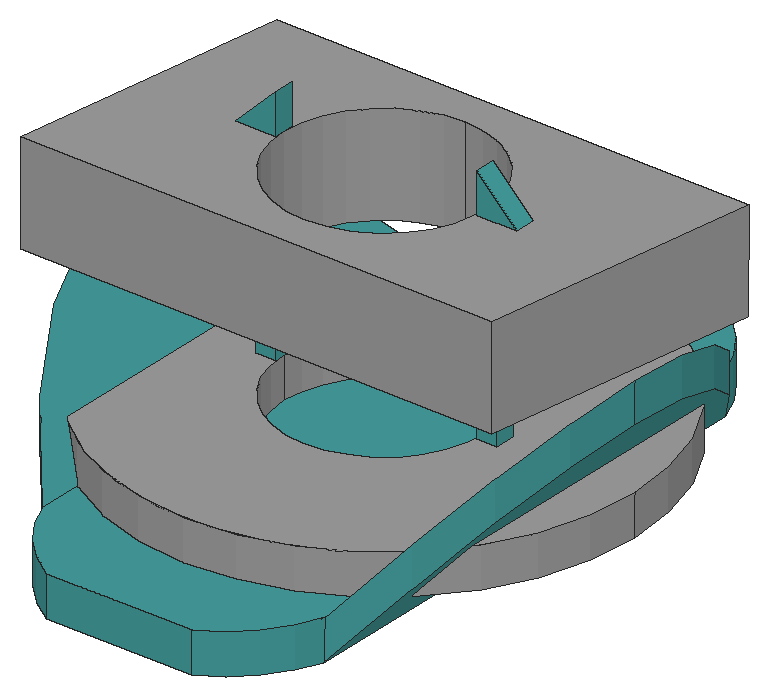
Revit family "HVAC_HangingSystems_Walraven_BIS_RapidRail_Slide_Nut", category Mechanical Equipment, Revit 2016
Family settings
  Part Type = Normal
  Round Connector Dimension = Use Diameter
  OmniClass Number = 23.60.30.11.17
  OmniClass Title = Pipework/Ductwork Mechanical Fasteners/Supports
  Work Plane-Based = Yes
  Always vertical = No
  Cut with Voids When Loaded = No
  Shared = No
  Room Calculation Point = No
Parameters (values of type "M10")
  type_index = 2
  s [instance] = size_lookup(lookup_table_name, "s", 0 mm, type_index)  # 5 mm
  region_index = 1  # constant formula
  r [instance] = D / 2  # 5 mm
  product_index [instance] = size_lookup(lookup_table_name, "pi", 0, type_index, M)  # 2
  lookup_table_name [instance] = "BIS RapidRail Slide Nut"  # constant formula
  desc_uk [instance] = if(product_index = 1, "BIS RapidRail Slide Nut M8", if(product_index = 2, "BIS RapidRail Slide Nut M10", "0"))  # "BIS RapidRail Slide Nut M10"
  desc_nl [instance] = if(product_index = 1, "BIS RapidRail Schuifmoer M8", if(product_index = 2, "BIS RapidRail Schuifmoer M10", "0"))  # "BIS RapidRail Schuifmoer M10"
  Youtube clip = ""
  Weight Net (Kg) = "0"
  Uniformat II Description = ""
  Uniformat II Code = ""
  Uniclass 2015 Name = ""
  Uniclass 2015 Code = ""
  Uniclass 2.0 Description = ""
  Uniclass 2.0 Code = ""
  Uniclass 1.4 Description = ""
  Uniclass 1.4 Code = ""
  URL = "https://www.walraven.com/en/?pid=281"
  UNSPSC Code = ""
  Technical description = "https://library.walraven.com/repository/rnd/documents/EN-UK/BIS%20RapidRail%C2%AE%20Slide%20Nut%20-%20G%2030%2005%20(EN-UK).pdf"
  Region South America = "None"
  Region Oceania = "AU"
  Region North America = "US"
  Region Middle East = "AE, OM, QA, SA"
  Region Europe = "BE, CZ, DE, DK, ES, FR, GB, HR, HU, LT, LV, NL, NO, PL, RO, RU, SE, SK, UA"
  Region Asia = "CN, IN"
  Region Antarctica = "None"
  Region Africa = "ZA"
  RSen_S_max_allowed_load [instance] = size_lookup(lookup_table_name, "load", 0, type_index, M)  # 2900
  RSen_S_max_torque [instance] = size_lookup(lookup_table_name, "Torque", 0, type_index, M)  # 15
  RSen_S_net_weight [instance] = size_lookup(lookup_table_name, "weight", 0, type_index, M) * 1.00 kg  # 0.0155 kg
  RSen_C_product_description [instance] = if(region_index = 1, desc_uk, if(region_index = 2, desc_nl, "0"))  # "BIS RapidRail Slide Nut M10"
  RSen_C_level_of_development = "LOD400"  # constant formula
  RSen_C_material_colour = "grey+green"  # constant formula
  RSen_C_material_finish = "zinc plated"  # constant formula
  RSen_C_material_01 = polyoxymethylene (POM)
  RSen_C_material = steel
  RSen_C_length [instance] = 29 mm  # constant formula
  RSen_C_height [instance] = 12 mm  # constant formula
  RSen_C_thickness [instance] = s  # 5 mm
  RSen_C_content_releasedate = "22-02-2018"  # constant formula
  RSen_C_content_modification_date = "04-06-2018"  # constant formula
  RSen_C_content_creator = "Itannex bv"  # constant formula
  RSen_C_code_gtin [instance] = ""
  RSen_C_code_manufacturer_product [instance] = if(product_index = 1, "6513108", if(product_index = 2, "6513110", "0"))  # "6513110"
  RSen_C_code_manufacturer_gln = ""
  QR code = "http://bimobject.com/walraven/product/bis-rapidrail-slide-nut"
  Product url = "https://www.walraven.com/en/?pid=281"
  Product group = "Slide Nuts"
  Product family = "Rail Systems"
  Product data url = "https://bimobject.com/walraven/product/bis-rapidrail-slide-nut"
  Product certification = ""
  Product SKU = "bis-rapidrail-slide-nut"
  Product Guid = "e1b0579a-598d-49c7-9446-efd116589c1e"
  OmniClass Description = "Mechanical Pipe Supports"
  OmniClass Code = "23-27 43 13"
  Nominal width = 0 mm
  Nominal height = 0 mm
  NLRS_C_code_SfB_tabel1 = "50"  # constant formula
  RSen_C_code_ETIM_url = "https://prod.etim-international.com/Class/Details?classId=EC000096&classVersion=5"
  RSen_C_code_ETIM = "EC000096"  # constant formula
  RSen_C_intended_use = "hanging systems"  # constant formula
  RSen_C_certificates = "N/A"  # constant formula
  RSen_C_width [instance] = 25 mm  # constant formula
  NBS Reference Description = ""
  NBS Reference Code = ""
  Model = "BIS RapidRail Slide Nut"  # constant formula
  Material secondary = ""
  Material main = "Steel"
  Masterformat 2014 Description = ""
  Masterformat 2014 Code = ""
  Manufacturer name = "Walraven"
  Manufacturer country = "China"
  Manufacturer = "Walraven"  # constant formula
  M [instance] = size_lookup(lookup_table_name, "M", 0, type_index)  # 10
  IsCustom [instance] = 0 = 1  # no
  Installation instructions = ""
  IfcExportType = "USERDEFINED"  # constant formula
  IfcExportAs = "IfcMechanicalFastenerType"  # constant formula
  IfcDescription = Description  # "slide nut"
  IFC Classification = "Mechanical Fastener"
  GTIN code = ""
  Edition number = 0
  Design country = "Netherlands"
  Description = "slide nut"  # constant formula
  Default Elevation = 1219.2 mm
  Date of publishing = "7/20/2018"
  D [instance] = if(M = 8, 8 mm, if(M = 10, 10 mm, if(M = 12, 12 mm, 0 mm)))  # 10 mm
  COBIe Type Category = ""
  Brand url = "https://www.walraven.com"
  BIMobject main category code = "hvac"
  BIMobject main category = "HVAC"
  BIMobject category code = "hvac-hanging-systems"
  BIMobject category = "Hanging Systems"
  Assembly Code = "50"
Types (2, lengths in mm): name | type_index | r | product_index | desc_uk | desc_nl | RSen_S_max_allowed_load | RSen_S_net_weight | RSen_C_product_description | RSen_C_code_manufacturer_product | M | D
  M10 | 2 | 5 | 2 | "BIS RapidRail Slide Nut M10" | "BIS RapidRail Schuifmoer M10" | 2900 | 0.0155 kg | "BIS RapidRail Slide Nut M10" | "6513110" | 10 | 10
  M8 | 1 | 4 | 1 | "BIS RapidRail Slide Nut M8" | "BIS RapidRail Schuifmoer M8" | 2700 | 0.019 kg | "BIS RapidRail Slide Nut M8" | "6513108" | 8 | 8
Reference planes
  plane 1 "Center (Front/Back)": y = 0
  plane 2: z = 0
  plane 3 "Center (Left/Right)": x = 0
  plane 4 "schuifmoer": z = 5
  plane 5: z = 10
  plane 6: z = -30
  plane 7 "moer": z = -14
  plane 8: x = -12.5
  plane 9: x = 12.5
  plane 10: x = -5
  plane 11: x = 5
  plane 12: x = -7
  plane 13: x = 7
  plane 14: z = -2
  plane 15: z = 3.029
  plane 16: z = -4.016
  plane 17: y = 12.5
  plane 18: y = -12.5
  plane 19: x = -14.5
  plane 20: x = 14.5
  plane 21: y = 16.5
  plane 22: y = -16.5
  plane 23: y = 0.5
  plane 24: y = -0.5
Forms (mm)
  Extrusion 1, solid, material "steel" <- "RSen_C_material", detail levels medium+fine
    sketch origin (0, 0, 5) x (0, -1, 0) y (1, 0, 0)
      loop
        line (-6.75, -10.75) -> (6.75, -12.75) -> (6.75, 10.75) -> (-6.75, 12.75) -> (-6.75, -10.75)
      loop
        circle (0, 0) r 5
    from 0 to 5
  Extrusion 2, solid, material "steel" <- "RSen_C_material", detail levels medium+fine
    sketch origin (0, 0, 0) x (1, 0, 0) y (0, 1, 0)
      loop
        circle (0, 0) r 5
      loop
        circle (0, 0) r 12.5
    from 0 to -2
  Extrusion 3, solid, material "polyoxymethylene (POM)" <- "RSen_C_material_01", detail levels medium+fine
    sketch origin (0, 0, 0) x (-1, 0, 0) y (0, 0, 1)
      loop
        line (6, 1) -> (6, 10) -> (7, 10) -> (5, 12) -> (5, 10) -> (5, 0) -> (6, 0) -> (6, 1)
      loop
        line (-5, 0) -> (-5, 10) -> (-5, 12) -> (-7, 10) -> (-6, 10) -> (-6, 0) -> (-5, 0)
    from -0.5 to 0.5
  Extrusion 4, solid, material "polyoxymethylene (POM)" <- "RSen_C_material_01", detail levels medium+fine
    sketch origin (0, 0, 0) x (1, 0, 0) y (0, 0, 1)
      loop
        line (-12.5, 5) -> (-12.5, 3.029) -> (-7, -4.016) -> (7, -4.016) -> (12.5, 3.029) -> (12.5, 5) -> (7.044, -2) -> (-7.044, -2) -> (-12.5, 5)
    from -16.5 to 16.5
  Extrusion 5, void
    sketch origin (0, 0, 0) x (1, 0, 0) y (0, 1, 0)
      loop
        line (-14.5, -18.5) -> (14.5, -18.5) -> (14.5, 18.5) -> (-14.5, 18.5) -> (-14.5, -18.5)
      loop
        arc (-7, -12.5) -> (0, -17.433) -> (7, -12.5) r 7.433
        arc (7, -12.5) -> (11.024, -6.811) -> (12.5, 0) r 17.444
        arc (12.5, 0) -> (11.024, 6.811) -> (7, 12.5) r 17.444
        arc (7, 12.5) -> (0, 17.433) -> (-7, 12.5) r 7.433
        arc (-7, 12.5) -> (-11.024, 6.811) -> (-12.5, 0) r 17.444
        arc (-12.5, 0) -> (-11.024, -6.811) -> (-7, -12.5) r 17.444
    from -4.016 to 5
Cuts and joins
  Extrusion 5 cuts Extrusion 4
Dimensions and locks
  "s": plane 5 to plane 4 "schuifmoer"
  "RSen_C_thickness": plane 4 "schuifmoer" to level
  plane 5 to plane 6 = 40 mm
  locked: level to Extrusion 2 at 2
  plane 7 "moer" to plane 6 = 16 mm
  Extrusion 2 sketch curve to plane 3 "Center (Left/Right)" = 0 mm
  Extrusion 2 sketch curve to plane 1 "Center (Front/Back)" = 0 mm
  plane 4 "schuifmoer" to Extrusion 1 to plane 5 = 5 mm, 0 mm
  plane 4 "schuifmoer" to plane 5 = 5 mm
  Extrusion 1 to Extrusion 1 = 23.246 mm
  Extrusion 1 to Extrusion 1 = 13.5 mm
  Extrusion 1 to Extrusion 1 = 28.853 mm
  equal spacing: plane 8, plane 3 "Center (Left/Right)", plane 9
  plane 3 "Center (Left/Right)" to plane 9 = 12.5 mm
  equal spacing: plane 11, plane 3 "Center (Left/Right)", plane 10
  "r": plane 3 "Center (Left/Right)" to plane 10
  locked: plane 10 to plane 12 at 2
  locked: plane 13 to plane 11 at 2
  level to plane 14 = 2 mm
  locked: plane 4 "schuifmoer" to plane 15 at 1.971
  locked: plane 14 to plane 16 at 2.016
  equal spacing: plane 18, plane 1 "Center (Front/Back)", plane 17
  plane 1 "Center (Front/Back)" to plane 17 = 12.5 mm
  plane 20 to Extrusion 4 = 2 mm
  plane 19 to Extrusion 4 = 2 mm
  locked: plane 21 to plane 17 at 4
  locked: plane 18 to plane 22 at 4
  Extrusion 5 sketch curve to cut or joined group of Extrusion 4, Extrusion 5 = 2 mm  (x2)
  Extrusion 3 sketch curve to Extrusion 3 sketch curve = 1 mm
  locked: Extrusion 3 sketch curve to Extrusion 3 sketch curve at 1
  locked: Extrusion 3 sketch curve to plane 5 at 2  (x2)
  equal spacing: plane 23, plane 1 "Center (Front/Back)", plane 24
  plane 24 to plane 1 "Center (Front/Back)" = 0.5 mm
  "D": diameter of Extrusion 2 sketch curve
  "D": diameter of Extrusion 1 sketch curve
  aligned and locked: level to plane 2
  aligned and locked: plane 4 "schuifmoer" to Extrusion 1
  aligned and locked: level to Extrusion 2
  aligned and locked: Extrusion 2 to level
  aligned and locked: Extrusion 1 to plane 5
  aligned and locked: Extrusion 4 sketch curve to plane 14
  aligned and locked: plane 19 to Extrusion 5 sketch curve
  aligned and locked: Extrusion 5 sketch curve to plane 20
  aligned and locked: Extrusion 4 to plane 22
  aligned and locked: plane 21 to Extrusion 4
  aligned and locked: plane 10 to Extrusion 3 sketch curve
  aligned and locked: plane 11 to Extrusion 3 sketch curve
  aligned and locked: Extrusion 3 sketch curve to plane 5  (x2)
  aligned and locked: level to Extrusion 3 sketch curve
  aligned and locked: Extrusion 3 sketch curve to level
  aligned and locked: plane 23 to Extrusion 3
  aligned and locked: Extrusion 3 to plane 24
  aligned and locked: Extrusion 5 to Extrusion 4
  aligned and locked: Extrusion 5 to Extrusion 1
Automatic sketch dimensions
  Extrusion 4 sketch curve to plane 4 "schuifmoer" = 0 mm  (x2)
  Extrusion 4 sketch curve to plane 8 = 0 mm
  Extrusion 4 sketch curve to plane 12 = 0 mm
  Extrusion 4 sketch curve to plane 13 = 0 mm
  Extrusion 4 sketch curve to plane 9 = 0 mm
  Extrusion 4 sketch curve to plane 16 = 0 mm
  Extrusion 4 sketch curve to plane 15 = 0 mm  (x2)
  Extrusion 4 sketch curve to plane 12 = 0.044 mm
  plane 13 to Extrusion 4 sketch curve = 0.044 mm
  plane 1 "Center (Front/Back)" to Extrusion 5 sketch curve = 0 mm  (x2)
  Extrusion 5 sketch curve to plane 8 = 0 mm
  Extrusion 5 sketch curve to plane 12 = 0 mm  (x2)
  Extrusion 5 sketch curve to plane 3 "Center (Left/Right)" = 0 mm  (x2)
  Extrusion 5 sketch curve to plane 13 = 0 mm  (x2)
  Extrusion 5 sketch curve to plane 9 = 0 mm
  Extrusion 5 sketch curve to plane 18 = 0 mm
  Extrusion 5 sketch curve to plane 17 = 0 mm
  plane 10 to Extrusion 5 sketch curve = 0.058 mm  (x2)
  Extrusion 5 sketch curve to plane 11 = 0.058 mm  (x2)
  plane 18 to Extrusion 5 sketch curve = 2.5 mm
  Extrusion 5 sketch curve to plane 17 = 2.5 mm
  Extrusion 3 sketch curve to plane 13 = 0 mm
  Extrusion 3 sketch curve to plane 12 = 0 mm
  Extrusion 3 sketch curve to plane 5 = 0 mm  (x2)
  Extrusion 3 sketch curve to Extrusion 3 sketch curve = 1 mm
  plane 1 "Center (Front/Back)" to Extrusion 1 sketch curve = 0 mm
  Extrusion 1 sketch curve to plane 3 "Center (Left/Right)" = 0 mm
  plane 8 to Extrusion 1 sketch curve = 1.75 mm
  Extrusion 1 sketch curve to plane 17 = 5.75 mm
  Extrusion 1 sketch curve to plane 8 = 0.25 mm
  plane 18 to Extrusion 1 sketch curve = 5.75 mm
  Extrusion 1 sketch curve to plane 9 = 1.75 mm
  plane 9 to Extrusion 1 sketch curve = 0.25 mm
  Extrusion 2 sketch curve to Extrusion 2 sketch curve = 0 mm  (x2)
  radius of Extrusion 2 sketch curve = 12.5 mm
